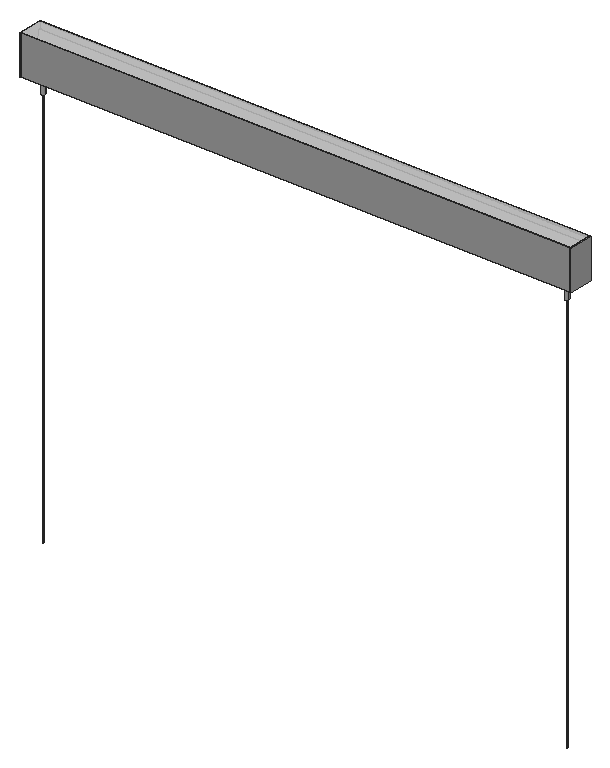
Revit family "2093097 Sylvania Lighting Fixture MC2-KIT D I 1-2M 4K DALI WHT OPAL", category Lighting Fixtures, host Face, Revit 2016
Family settings
  Host = Face
  Part Type = Normal
  Round Connector Dimension = Use Diameter
  OmniClass Number = 23.80.70.11.17
  OmniClass Title = Specialized Lighting by Location or Use
  Cut with Voids When Loaded = No
  Light Source = Yes
  Shared = No
  Room Calculation Point = No
Parameters (values of type "2093097 MC2-KIT D/I 1.2M 4K DALI WHT OPAL")
  Width_SYL = 54.0 mm
  Weight = "3.4 kg"
  Wattage = 32 W
  WarrantyStartDate [instance] = "n/a"
  WarrantyGuarantorParts = "n/a"
  WarrantyDurationUnit = "n/a"
  WarrantyDurationParts = "n/a"
  WarrantyDescription = "n/a"
  built-in parameter 1150110 = 1 (stored number, unit not read)
  Voltage = 0 V
  URL = "http://www.sylvania-lighting.com"
  TypeName = "MC2-KIT D/I 1.2M 4K DALI WHT OPAL"
  built-in parameter 1114217 = 1 (stored number, unit not read)
  Tilt Angle = -90.00°
  built-in parameter 1150109 = 1 (stored number, unit not read)
  built-in parameter 1150134 = 12
  built-in parameter 1150113 = 1 (stored number, unit not read)
  SerialNumber [instance] = "n/a"
  PowerFactor = 0.95
  PowerConsumption = "32 W"
  NominalWidth = 0.0 mm
  NominalLength = 1200.0 mm
  NominalHeight = 86.0 mm
  Name = "MC2-KIT D/I 1.2M 4K DALI WHT OPAL"
  ModelReference = "MC2-KIT D/I 1.2M 4K DALI WHT OPAL"
  ModelNumber = "2093097"
  Material_3_SYL = Metal_Sylvania_Mini Contiuum II_Silver
  Photometric Web File = "2093097.ies"
  Material_4_SYL = Metal_Sylvania_Mini Contiuum II_Silver
  MountingHeight_SYL [instance] = 1000.0 mm
  Material = "aluminium housing, polycarbonate diffuser"
  ManufacturerName = "Feilo Sylvania"
  LuminousEfficacy = "126 lm/W"
  LuminaireType = ""
  LightOutputRatio = "100"
  Length_SYL = 1200.0 mm
  LampsType = Lamp  # "LED"
  LampNominalLuminous = "4032 lm"
  LampMacAdamStep = "3"
  LampColourTemperature = "4000 K"
  LampColourRenderingIndex = "80"
  Keynote = "16500"
  InstallationDate [instance] = "n/a"
  InputVoltage = "n/a"
  InputNominalFrequency = "n/a"
  IngressProtection = "IP20"
  ImpactProtectionIndex = "n/a"
  IfcExportType = "IfcLightFixtureType"
  IfcExportAs = "IfcLightFixtureType"
  Height_SYL = 86.0 mm
  ExpectedLife = 50000
  EndCapRight_SYL = yes
  EndCapLeft_SYL = yes
  Emit from Rectangle Width = Width_SYL - 2.0 mm  # 52.0 mm
  Emit from Rectangle Length = Length_SYL  # 1200.0 mm
  Emit Shape Visible in Rendering = no
  ElectricShockClassification = "Class I"
  DurationUnit = "hours"
  DocumentationLiterature = "http://www.sylvania-lighting.com/product/en-int/products/2093097"
  DimmingControlOptions = "n/a"
  CreatedOn = "10/15/2018"
  CreatedBy = "@sylvania-lighting.com"
  built-in parameter 1114216 [instance] = 1 (stored number, unit not read)
  Model = "MC2-KIT D/I 1.2M 4K DALI WHT OPAL"
  Manufacturer = "Feilo Sylvania"
  built-in parameter 1150105 = 320.86 (stored number, unit not read)
  Lumens = 4032 lm
  built-in parameter 1150115 = 1 (stored number, unit not read)
  built-in parameter 1150137 = (empty or 0)
  built-in parameter 1150139 = (empty or 0)
  built-in parameter 1150112 = 1 (stored number, unit not read)
  built-in parameter 1150114 = 1 (stored number, unit not read)
  Lamp = "LED"
  built-in parameter 1150132 = 2
  built-in parameter 1150102 = (empty or 0)
  built-in parameter 1150107 = 4000 (stored number, unit not read)
  built-in parameter 1150138 = (empty or 0)
  built-in parameter 1150106 = 3.2086 (stored number, unit not read)
  Material_1_SYL = Metal_Sylvania_Mini Continuum II_White
  built-in parameter 1150104 = 11.706 (stored number, unit not read)
  Dimming Lamp Color Temperature Shift = <None>
  Material_2_SYL = Polycarbonate_Sylvania_Mini Continuum II_Opal_4000K
  Description = "2093097   MC2-KIT D/I 1.2M 4K DALI WHT OPAL  Continuous lines of LED light, white RAL 9016, direct/indirect distribution (65/35), suspended kit version is pre-wired and supplied complete with end caps and suspension cables, compact and minimalist design based on the Golden Mean, ideal for offices, meeting rooms, corridors, education facilities, museums and libraries, extruded aluminium body, diffuser: opal, colour temperature: 4000K neutral white, total system power: 32W, total fixture output: 3833lm, luminaire efficacy: 120lm/W, LOR: 100%, colour rendering: Ra >80, LED Chromacity: 1 step MacAdam ellipse, lifetime: 50,000 hours at 90% of the original output (L90), energy class: A++, A+, A, IR/UV free light source without heat radiation, operating voltage: 220-240V / 50-60Hz, drive current: (Direct) 800mA + (Indirect) 350mA, electronic driver, DALI dimmable, direct/indirect independently addressable, electrical protection: CLASS I, IP20, suitable for internal environment only."
  Default Elevation = 0.0 mm
  Color Filter = 16777215
  built-in parameter 1140040 [instance] = 1
  BarCode [instance] = "n/a"
  built-in parameter 1114218 = 1 (stored number, unit not read)
  built-in parameter 1150133 = 10 (stored number, unit not read)
  AssetType = "Fixed"
  AssetIdentifier [instance] = "n/a"
  Assembly Code = "D5020200"
  Apparent Load = 32 VA
Reference planes
  plane 1 "Center (Front/Back)": y = 0
  plane 2 "Bottom Fixtures": z = 0
  plane 3 "Center (Left/Right)": x = 0
  plane 4 "Fixture Left": x = -600
  plane 5 "Fixture Right": x = 600
  plane 6 "Fixture Bottom": z = 1000
  plane 7: z = 998
  plane 8: z = 996
  plane 9: z = 986.951
  plane 10: z = 956.951
  plane 11 "Fixture Top": z = 914
  plane 12 "Mounting Right": x = 572
  plane 13 "Mounting Left": x = -572
  plane 14: z = 879
  plane 15: y = 27
  plane 16: y = -27
  plane 17: y = -26
  plane 18: y = -25
  plane 19: y = 26
  plane 20: y = 25
  plane 21: y = 11
  plane 22: y = -11
  plane 23: y = 24
  plane 24: y = 22
  plane 25: y = -22
  plane 26: y = 15
  plane 27: y = -15
  plane 28 "Upper Diffuser Left": x = -450
  plane 29 "Upper Diffuser Right": x = 450
  plane 30: x = -602
  plane 31: x = 602
Forms (mm)
  Extrusion 1, solid, material "Metal_Sylvania_Mini Continuum II_White" <- "Material_1_SYL", detail levels fine
    sketch origin (0, 0, 520) x (0, 1, 0) y (0, 0, 1)
      loop
        line (27, 480) -> (26, 480) -> (26, 478) -> (25, 478) -> (25, 396) -> (13, 396) -> (13, 398) -> (-13, 398) -> (-13, 396) -> (-25, 396) -> (-25, 478) -> (-26, 478) -> (-26, 480) -> (-27, 480) -> (-27, 394) -> (-11, 394) -> (-11, 396) -> (11, 396) -> (11, 394) -> (27, 394) -> (27, 480)
    from -600 to 600
  Extrusion 2, solid, material "Polycarbonate_Sylvania_Mini Continuum II_Opal_4000K" <- "Material_2_SYL", detail levels fine
    sketch origin (0, 0, 520) x (0, 1, 0) y (0, 0, 1)
      loop
        line (-26, 480) -> (-26, 478) -> (26, 478) -> (26, 480) -> (-26, 480)
    from -600 to 600
  Extrusion 3, solid, material "Metal_Sylvania_Mini Contiuum II_Silver" <- "Material_3_SYL", detail levels fine
    sketch origin (0, 0, 520) x (0, 1, 0) y (0, 0, 1)
      loop
        line (22, 466.951) -> (20.973, 466.951) -> (14.206, 437.951) -> (11, 437.951) -> (11, 436.951) -> (15, 436.951) -> (22, 466.951)
      loop
        line (-15, 436.951) -> (-11, 436.951) -> (-11, 437.951) -> (-14.206, 437.951) -> (-20.973, 466.951) -> (-22, 466.951) -> (-15, 436.951)
    from -600 to 600
  Extrusion 4, solid, material "Metal_Sylvania_Mini Continuum II_White" <- "Material_1_SYL", detail levels coarse+medium
    sketch origin (0, 0, 520) x (0, 1, 0) y (0, 0, 1)
      loop
        line (-27, 480) -> (-27, 394) -> (27, 394) -> (27, 480) -> (-27, 480)
    from -600 to 600
  Extrusion 5, solid, material "Metal_Sylvania_Mini Contiuum II_Silver" <- "Material_4_SYL", detail levels fine
    sketch origin (0, 0, -86) x (-1, 0, 0) y (0, -1, 0)
      loop
        circle (572, 0) r 4
      loop
        circle (-572, 0) r 4
    from 965 to 1002
  Extrusion 6, solid, material "Metal_Sylvania_Mini Contiuum II_Silver" <- "Material_4_SYL", detail levels fine
    sketch origin (0, 0, -86) x (-1, 0, 0) y (0, -1, 0)
      loop
        circle (-572, 0) r 1
      loop
        circle (572, 0) r 1
    from 86 to 965
  Extrusion 7, solid, material "Polycarbonate_Sylvania_Mini Continuum II_Opal_4000K" <- "Material_2_SYL", detail levels fine
    sketch origin (0, 0, 0) x (0, 1, 0) y (0, 0, 1)
      loop
        arc (11, 916) -> (5.59, 914.504) -> (0, 914) r 31.25
        arc (0, 914) -> (-5.59, 914.504) -> (-11, 916) r 31.25
        line (-11, 916) -> (-11, 914.934)
        arc (-11, 914.934) -> (-5.584, 913.487) -> (0, 913) r 32.25
        arc (0, 913) -> (5.584, 913.487) -> (11, 914.934) r 32.25
        line (11, 914.934) -> (11, 916)
    from -450 to 450
  Extrusion 8, void
    sketch origin (0, 0, 0) x (0, 1, 0) y (0, 0, 1)
      loop
        line (11, 918) -> (-11, 918) -> (-11, 916) -> (11, 916) -> (11, 918)
    from -450 to 450
  Extrusion 9, solid, material "Metal_Sylvania_Mini Continuum II_White" <- "Material_1_SYL", visible <- "EndCapLeft_SYL"
    sketch origin (-600, 171.684, 1219.2) x (0, 1, 0) y (0, 0, 1)
      loop
        line (-198.684, -305.2) -> (-144.684, -305.2) -> (-144.684, -219.2) -> (-198.684, -219.2) -> (-198.684, -305.2)
    from 0 to -2
  Extrusion 10, solid, material "Metal_Sylvania_Mini Continuum II_White" <- "Material_1_SYL", visible <- "EndCapRight_SYL"
    sketch origin (600, 171.684, 1219.2) x (0, 1, 0) y (0, 0, -1)
      loop
        line (-144.684, 219.2) -> (-144.684, 305.2) -> (-198.684, 305.2) -> (-198.684, 219.2) -> (-144.684, 219.2)
    from 0 to -2
Cuts and joins
  Extrusion 8 cuts Extrusion 1
Lines and regions (mm)
  Masking region 1
    outline origin (0, 0, -86) x (-1, 0, 0) y (0, -1, 0)
      loop
        line (600, -27) -> (600, 27) -> (-600, 27) -> (-600, -27) -> (600, -27)
  symbolic lines, detail levels fine
    curve 1: line (-600, 26, -86) -> (600, 26, -86)
    curve 2: line (-600, -26, -86) -> (600, -26, -86)
  model lines, detail levels coarse+medium
    curve 3: line (-572, 0, 914) -> (-572, 0, 0)
    curve 4: line (572, 0, 914) -> (572, 0, 0)
Dimensions and locks
  host sketch curve to plane 3 "Center (Left/Right)" to host sketch curve = 820.0 mm, 775.047 mm
  equal spacing: plane 4 "Fixture Left", plane 3 "Center (Left/Right)", plane 5 "Fixture Right"
  "Length_SYL": plane 4 "Fixture Left" to plane 5 "Fixture Right"
  plane 6 "Fixture Bottom" to plane 7 to plane 8 to plane 9 to plane 10 = 2.0 mm locked, 2.0 mm locked, 9.049 mm locked, 30.0 mm locked
  locked: Extrusion 1 sketch curve to Extrusion 1 sketch curve at 2
  locked: Extrusion 1 sketch curve to plane 11 "Fixture Top" at 2
  "Height_SYL": plane 6 "Fixture Bottom" to plane 11 "Fixture Top"
  locked: plane 12 "Mounting Right" to plane 5 "Fixture Right" at 28
  locked: plane 4 "Fixture Left" to plane 13 "Mounting Left" at 28
  locked: plane 11 "Fixture Top" to plane 14 at 35
  "MountingHeight_SYL": plane 6 "Fixture Bottom" to plane 2 "Bottom Fixtures"
  equal spacing: plane 15, plane 1 "Center (Front/Back)", plane 16
  "Width_SYL": plane 15 to plane 16
  plane 22 to plane 27 to plane 25 to plane 18 to plane 17 to plane 16 = 4.0 mm locked, 7.0 mm locked, 3.0 mm locked, 1.0 mm locked, 1.0 mm locked
  plane 15 to plane 19 to plane 20 to plane 23 to plane 24 to plane 26 to plane 21 = 1.0 mm locked, 1.0 mm locked, 1.0 mm locked, 2.0 mm locked, 7.0 mm locked, 4.0 mm locked
  locked: plane 4 "Fixture Left" to plane 28 "Upper Diffuser Left" at 150
  locked: plane 29 "Upper Diffuser Right" to plane 5 "Fixture Right" at 150
  equal spacing: plane 30, plane 3 "Center (Left/Right)", plane 31
  locked: plane 30 to plane 4 "Fixture Left" at 2
  aligned and locked: plane 2 "Bottom Fixtures" to host face
  aligned and locked: level to host face
  aligned and locked: plane 5 "Fixture Right" to curve 1
  aligned and locked: plane 4 "Fixture Left" to curve 1
  aligned and locked: plane 4 "Fixture Left" to curve 2
  aligned and locked: plane 5 "Fixture Right" to curve 2
  aligned and locked: Extrusion 1 sketch curve to plane 7
  aligned and locked: plane 6 "Fixture Bottom" to Extrusion 1 sketch curve  (x2)
  aligned and locked: plane 7 to Extrusion 1 sketch curve
  aligned and locked: Extrusion 1 to Extrusion 2 sketch curve
  aligned and locked: Extrusion 2 sketch curve to Extrusion 1  (x3)
  aligned and locked: Extrusion 3 sketch curve to plane 10
  aligned and locked: plane 9 to Extrusion 3 sketch curve
  aligned and locked: Extrusion 3 sketch curve to plane 9
  aligned and locked: Extrusion 4 sketch curve to plane 6 "Fixture Bottom"
  aligned and locked: Extrusion 4 to plane 4 "Fixture Left"
  aligned and locked: Extrusion 2 to plane 4 "Fixture Left"
  aligned and locked: Extrusion 3 to plane 4 "Fixture Left"
  aligned and locked: Extrusion 1 to plane 4 "Fixture Left"
  aligned and locked: Extrusion 4 to plane 5 "Fixture Right"
  aligned and locked: Extrusion 2 to plane 5 "Fixture Right"
  aligned and locked: Extrusion 3 to plane 5 "Fixture Right"
  aligned and locked: Extrusion 1 to plane 5 "Fixture Right"
  aligned and locked: plane 11 "Fixture Top" to Extrusion 4 sketch curve
  aligned and locked: Extrusion 1 sketch curve to plane 11 "Fixture Top"  (x2)
  aligned and locked: Extrusion 1 sketch curve to Extrusion 1 sketch curve
  aligned and locked: plane 6 "Fixture Bottom" to imposter light
  aligned and locked: plane 11 "Fixture Top" to curve 3
  aligned and locked: plane 2 "Bottom Fixtures" to curve 3
  aligned and locked: plane 11 "Fixture Top" to curve 4
  aligned and locked: plane 2 "Bottom Fixtures" to curve 4
  aligned and locked: curve 4 to plane 12 "Mounting Right"
  aligned and locked: curve 3 to plane 13 "Mounting Left"
  aligned and locked: Extrusion 5 to Extrusion 1
  aligned and locked: Extrusion 5 to plane 14
  aligned and locked: plane 14 to Extrusion 6
  aligned and locked: Extrusion 6 to level
  aligned and locked: plane 11 "Fixture Top" to Extrusion 7 sketch curve
  aligned and locked: Extrusion 7 to plane 28 "Upper Diffuser Left"
  aligned and locked: Extrusion 7 to plane 29 "Upper Diffuser Right"
  aligned and locked: plane 21 to Extrusion 3 sketch curve
  aligned and locked: Extrusion 3 sketch curve to plane 22
  aligned and locked: Extrusion 8 sketch curve to plane 21
  aligned and locked: Extrusion 8 sketch curve to plane 22
  aligned and locked: Extrusion 8 sketch curve to Extrusion 1  (x2)
  aligned and locked: Extrusion 8 to Extrusion 7  (x2)
  aligned and locked: plane 21 to Extrusion 7 sketch curve
  aligned and locked: plane 1 "Center (Front/Back)" to Extrusion 7 sketch curve
  aligned and locked: plane 22 to Extrusion 7 sketch curve
  aligned and locked: Extrusion 9 sketch curve to Extrusion 4  (x4)
  aligned and locked: Extrusion 9 to plane 30
  aligned and locked: plane 4 "Fixture Left" to Extrusion 9
  aligned and locked: Extrusion 10 sketch curve to Extrusion 4  (x4)
  aligned and locked: plane 31 to Extrusion 10
  aligned and locked: plane 5 "Fixture Right" to Extrusion 10
Automatic sketch dimensions
  host sketch curve to host sketch curve = 1047.463 mm
  plane 19 to curve 1 = 0.0 mm
  curve 2 to plane 17 = 0.0 mm
  Masking region 1 sketch curve to plane 5 "Fixture Right" = 0.0 mm
  Masking region 1 sketch curve to plane 4 "Fixture Left" = 0.0 mm
  plane 15 to Masking region 1 sketch curve = 0.0 mm
  Masking region 1 sketch curve to plane 16 = 0.0 mm
  Extrusion 1 sketch curve to plane 16 = 0.0 mm
  Extrusion 1 sketch curve to plane 17 = 0.0 mm
  Extrusion 1 sketch curve to plane 18 = 0.0 mm
  Extrusion 1 sketch curve to plane 22 = 0.0 mm
  Extrusion 1 sketch curve to plane 21 = 0.0 mm
  Extrusion 1 sketch curve to plane 20 = 0.0 mm
  Extrusion 1 sketch curve to plane 19 = 0.0 mm
  Extrusion 1 sketch curve to plane 15 = 0.0 mm
  plane 11 "Fixture Top" to Extrusion 1 sketch curve = 2.0 mm
  Extrusion 1 sketch curve to plane 22 = 2.0 mm
  Extrusion 1 sketch curve to plane 21 = 2.0 mm
  Extrusion 3 sketch curve to plane 25 = 0.0 mm
  Extrusion 3 sketch curve to plane 27 = 0.0 mm
  Extrusion 3 sketch curve to plane 26 = 0.0 mm
  Extrusion 3 sketch curve to plane 24 = 0.0 mm
  plane 10 to Extrusion 3 sketch curve = 1.0 mm
  Extrusion 3 sketch curve to Extrusion 3 sketch curve = 1.027 mm
  plane 27 to Extrusion 3 sketch curve = 0.794 mm
  plane 26 to Extrusion 3 sketch curve = 0.794 mm
  plane 24 to Extrusion 3 sketch curve = 1.027 mm
  Extrusion 4 sketch curve to plane 16 = 0.0 mm
  Extrusion 4 sketch curve to plane 15 = 0.0 mm
  plane 1 "Center (Front/Back)" to Extrusion 5 sketch curve = 0.0 mm  (x2)
  Extrusion 5 sketch curve to plane 12 "Mounting Right" = 0.0 mm
  Extrusion 5 sketch curve to plane 13 "Mounting Left" = 0.0 mm
  plane 1 "Center (Front/Back)" to Extrusion 6 sketch curve = 0.0 mm  (x2)
  Extrusion 6 sketch curve to plane 12 "Mounting Right" = 0.0 mm
  Extrusion 6 sketch curve to plane 13 "Mounting Left" = 0.0 mm
  Extrusion 7 sketch curve to Extrusion 7 sketch curve = 0.0 mm  (x4)
  plane 11 "Fixture Top" to Extrusion 7 sketch curve = 0.934 mm
  Extrusion 3 sketch curve to Extrusion 3 sketch curve = 0.0 mm
  Extrusion 3 sketch curve to plane 10 = 0.0 mm
  plane 11 "Fixture Top" to Extrusion 7 sketch curve = 2.0 mm
  radius of Extrusion 5 sketch curve = 4.0 mm  (x2)
  radius of Extrusion 6 sketch curve = 1.0 mm  (x2)
Connectors
  electrical at (600, 0, 949), driven by "Apparent Load"
    settings: on Extrusion 1, index 1, voltage 230 V, apparent load 0 VA, apparent load phase1 32 VA, apparent load phase2 0 VA, apparent load phase3 0 VA, power factor 1, load classification "Lighting", number of poles 1, system type 31, power factor state 1, is connector primary yes, connector utility no, sub classification motor no, connector description ""
